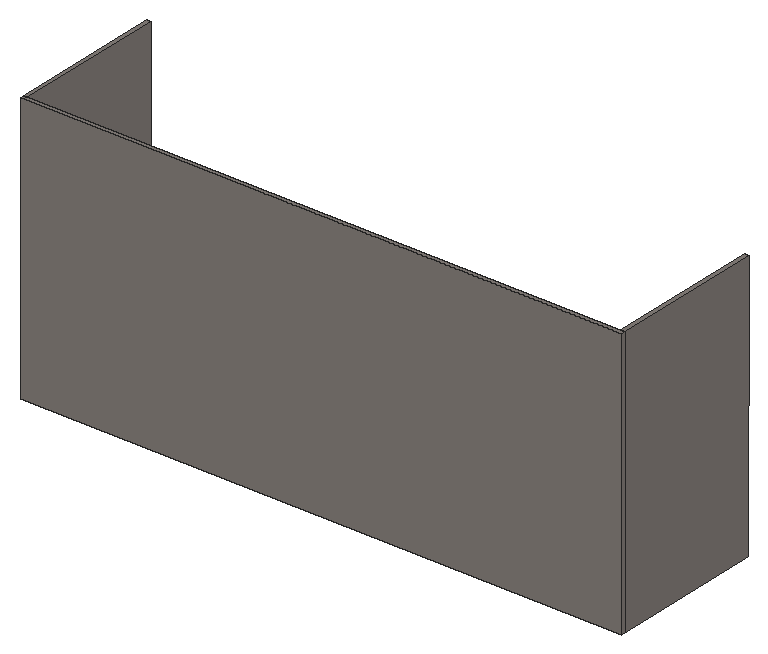
Revit family "Cabinets-Teknion-CEAFTU-Top_Filler_Uppe_Tall_&_Countertop_Cabinets-R2023", category Furniture, Revit 2023
Family settings
  OmniClass Number = 23.40.20.00
  OmniClass Title = General Furniture and Specialties
  Work Plane-Based = No
  Enable Cutting in Views = No
  Always vertical = Yes
  Cut with Voids When Loaded = No
  Render Appearance Source = Family Geometry
  Shared = Yes
  Room Calculation Point = No
Parameters (values of type "Top Filler")
  Width [instance] = 107.000"
  Warranty = "http://www.teknion.com/ca/papers/legal-canada"
  Unit Weight URL = "http://www.teknion.com/ca/tools/assets#&asset=bee6a381-b954-425e-8283-5a2de3a804f2,f828d448-4b62-4231-9e5f-9a8991c0ed77"
  URL = "www.teknion.com"
  To render please download texture images found here [instance] = "https://assets.teknion.com/web/5e81352c1dfdb467/revit-material-swatches/"
  Sustainability Data = "https://www.teknion.com/ca/tools/assets#&topic=216f99a5-57a0-44fc-b10a-9dee9b29ae4c&asset=444deb64-fe58-4b68-981e-f75e97781df7,b4ff2d81-9f2e-437d-9659-7cffb09c31cf"
  Side Finish [instance] = Veneer - Teknion - 5P - Flintwood - Poppy Seed
  Series = "Casework+"  # constant formula
  Product Page URL = "https://www.teknion.com/ca//products/product-details?productLineId=30ca1270-8e7a-673b-a6c8-ff05004460c4"
  Product Line = "Finishing Components"  # constant formula
  Product Documentation Link = "http://www.teknion.com/pricingguides/Casework/pdfs/CEAFTU_ppg.pdf"
  Part Number = "CEAFTU"  # constant formula
  Model = "CEAFTU________"  # constant formula
  Manufacturer Phone = "416-661-3370"  # constant formula
  Manufacturer Fax = "416.661.4586"  # constant formula
  Manufacturer Contact Information = "http://www.teknion.com/ca/contactus"
  Manufacturer Address = "1150 Flint Road, Toronto, ON. M3J 2J5. Canada"  # constant formula
  Manufacturer = "Teknion"  # constant formula
  How To Use Teknion Materials User Guide [instance] = "https://assets.teknion.com/m/205dd0a49fa58060/original/How-to-add-a-Material-Library-and-Texture-Images-to-your-Revit-project.pdf"
  Height [instance] = 48.000"
  Front Finish [instance] = Veneer - Teknion - 5P - Flintwood - Poppy Seed
  For Additional Finishes please visit [instance] = "https://assets.teknion.com/m/44a8009b046e5d47/original/Teknion_Materials_Library.zip"
  Description = "Top Filler – Upper, Tall & Countertop Cabinets"  # constant formula
  Depth [instance] = 29.000"
  Default Elevation = 0.000"
  Available Width [instance] = "Available From  12 - 107 Inches In 1 Inch Increments"  # constant formula
  Available Height [instance] = "Available In 06, 12, 24, 36 & 48 Inches "  # constant formula
  Available Depth [instance] = "Available In 12, 15, 20, 24 & 29 Inches "  # constant formula
  Assembly Code = "E2020200"
  Actual Depth [instance] = Depth - 0.839"  # 28.161"
Reference planes (in)
  plane 1 "Center Front/Back": y = -39.62749
  plane 2: z = 0
  plane 3 "Center Left/Right": x = -2.5
  plane 4 "Left": x = -56
  plane 5 "Right": x = 51
  plane 6 "Back": y = -25.54699
  plane 7 "Front": y = -53.70799
  plane 8 "Top": z = 144
  plane 9: z = 96
Forms (in)
  Sweep 1, solid, material "Veneer - Teknion - 5P - Flintwood - Poppy Seed" <- "Front Finish"
    path origin (0, -39.62749, 0) x (1, 0, 0) y (0, 0, 1)
      loop
        line (-2.5, 144) -> (-2.5, 96)
    profile origin (-2.5, -39.62749, 120) x (0, -1, 0) y (1, 0, 0)
      loop
        line (14.0805, -53.5) -> (14.0805, 53.5) -> (13.37992, 53.5) -> (13.37992, -53.5) -> (14.0805, -53.5)
  Sweep 2, solid, material "Veneer - Teknion - 5P - Flintwood - Poppy Seed" <- "Side Finish"
    path origin (0, -39.62749, 0) x (1, 0, 0) y (0, 0, 1)
      loop
        line (-2.5, 144) -> (-2.5, 96)
    profile origin (-2.5, -39.62749, 120) x (0, -1, 0) y (1, 0, 0)
      loop
        line (-14.0805, -53.5) -> (13.37992, -53.5) -> (13.37992, -52.79921) -> (-14.0805, -52.79921) -> (-14.0805, -53.5)
      loop
        line (-14.0805, 53.5) -> (-14.0805, 52.79921) -> (13.37992, 52.79921) -> (13.37992, 53.5) -> (-14.0805, 53.5)
Lines and regions (in)
  Masking region 1
    outline origin (0, 0, 0) x (1, 0, 0) y (0, 1, 0)
      loop
        line (-56, -53.70799) -> (51, -53.70799) -> (51, -25.54699) -> (50.29921, -25.54699) -> (50.29921, -53.00742) -> (-55.29921, -53.00742) -> (-55.29921, -25.54699) -> (-56, -25.54699) -> (-56, -53.70799)
  reference lines
    curve 1: line (-56, -25.54699, 0) -> (-56, -53.70799, 0)
    curve 2: line (-56, -25.54699, 0) -> (51, -25.54699, 0)
    curve 3: line (51, -25.54699, 0) -> (51, -53.70799, 0)
    curve 4: line (-56, -53.70799, 0) -> (51, -53.70799, 0)
Dimensions and locks (in)
  "Width": plane 4 "Left" to plane 5 "Right"
  "Actual Depth": plane 6 "Back" to plane 7 "Front"
  plane 8 "Top" to level = 144.000"
  equal spacing: plane 6 "Back", plane 1 "Center Front/Back", plane 7 "Front"
  equal spacing: plane 4 "Left", plane 3 "Center Left/Right", plane 5 "Right"
  "Height": plane 8 "Top" to plane 9
  locked: plane 9 to plane 2 at 96
  locked: plane 7 "Front" to Sweep 1 sketch curve at 0.70058
  locked: plane 4 "Left" to Sweep 2 sketch curve at 0.70079
  locked: plane 7 "Front" to Sweep 2 sketch curve at 0.70058  (x2)
  locked: Sweep 2 sketch curve to plane 5 "Right" at 0.70079
  locked: plane 4 "Left" to Masking region 1 sketch curve at 0.70079
  locked: plane 7 "Front" to Masking region 1 sketch curve at 0.70058
  locked: Masking region 1 sketch curve to plane 5 "Right" at 0.70079
  aligned and locked: level to plane 2
  aligned and locked: nested 2 to plane 6 "Back"
  aligned and locked: nested 1 to plane 6 "Back"
  aligned and locked: plane 4 "Left" to nested 1
  aligned and locked: nested 2 to plane 5 "Right"
  aligned and locked: Sweep 1 sketch curve to plane 3 "Center Left/Right"
  aligned and locked: plane 9 to Sweep 1 sketch curve
  aligned and locked: plane 8 "Top" to Sweep 1 sketch curve
  aligned and locked: Sweep 1 sketch curve to plane 7 "Front"
  aligned and locked: Sweep 1 sketch curve to plane 5 "Right"
  aligned and locked: plane 4 "Left" to Sweep 1 sketch curve
  aligned and locked: Sweep 2 sketch curve to plane 3 "Center Left/Right"
  aligned and locked: plane 9 to Sweep 2 sketch curve
  aligned and locked: plane 8 "Top" to Sweep 2 sketch curve
  aligned and locked: plane 4 "Left" to Sweep 2 sketch curve
  aligned and locked: Sweep 2 sketch curve to plane 5 "Right"
  aligned and locked: Sweep 2 sketch curve to plane 6 "Back"
  aligned and locked: Masking region 1 sketch curve to plane 7 "Front"
  aligned and locked: Masking region 1 sketch curve to plane 4 "Left"
  aligned and locked: plane 5 "Right" to Masking region 1 sketch curve
  aligned and locked: Masking region 1 sketch curve to plane 6 "Back"
  aligned and locked: curve 1 to plane 4 "Left"
  aligned and locked: curve 2 to plane 6 "Back"
  aligned and locked: plane 5 "Right" to curve 3
  aligned and locked: curve 4 to plane 7 "Front"
Automatic sketch dimensions
  Sweep 2 sketch curve to Sweep 2 sketch curve = 0.000"
  Masking region 1 sketch curve to plane 6 "Back" = 0.000"
Nested families (in)
  nested 1: "Teknion_2D_Node_Family-R2021" at (-56, -25.54699, 0), type "Teknion_2D_Node_Family-R2021"
  nested 2: "Teknion_2D_Node_Family-R2021" at (51, -25.54699, 0), type "Teknion_2D_Node_Family-R2021"
Definition of nested family "Teknion_2D_Node_Family-R2021"
  Reference planes (in)
    plane 1 "Center (Front/Back)": y = 0
    plane 2: z = 0
    plane 3 "Center (Left/Right)": x = 0
  Lines and regions (in)
    detail lines, in view "Ref. Level"
      curve 1: circle (0, 0, 0) r 1.25 normal (0, 0, 1)
      curve 2: line (1.91508, -1.91508, 0) -> (-1.91508, 1.91508, 0)
      curve 3: line (-1.91508, -1.91508, 0) -> (1.91508, 1.91508, 0)
